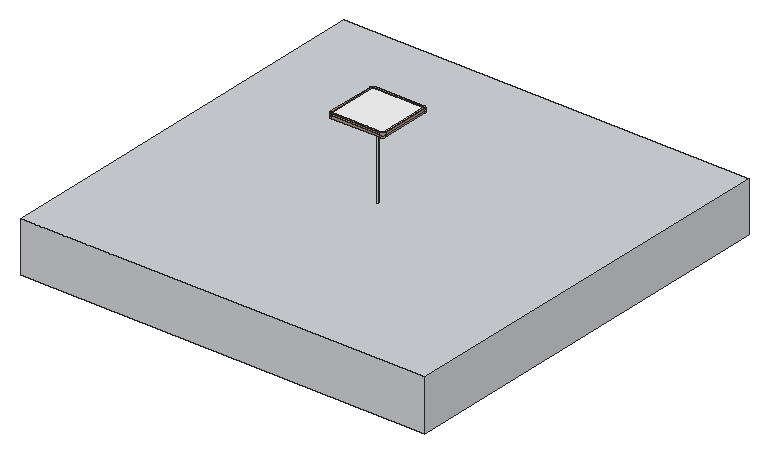
Revit family "Zumtobel CAELA", category Lighting Fixtures, host Face, Revit 2014
Parameters (values of type "CAELA QMS 331")
  Width = 331 mm
  Wattage = 8.07853 W
  built-in parameter 1150110 = 1 (stored number, unit not read)
  URL = "http://www.zumtobel.com/60815982"
  Type Comments = "© Zumtobel. We reserve the right to make technical changes without prior notice."  # constant formula
  built-in parameter 1114217 = 1 (stored number, unit not read)
  Tilt Angle = -90.00°
  built-in parameter 1150109 = 1 (stored number, unit not read)
  built-in parameter 1150134 = 12
  Suspension Value [instance] = if(Suspended, Suspension Height, 57 mm)  # 500 mm
  Suspension Height [instance] = 500 mm
  Sunspension [instance] = Zumtobel_Caela_Metal_Silver
  Square Shape = yes
  Round Shape = not(Square Shape)  # no
  Interior Width = Width - 20 mm  # 311 mm
  Frame [instance] = Zumtobel_Caela_Metal_Copper
  Emit from Circle Diameter = Width  # 331 mm
  Suspended [instance] = yes
  built-in parameter 1150113 = 1 (stored number, unit not read)
  Photometric Web File = "ST8096.IES"
  Model = "60815982"
  Manufacturer = "Zumtobel Lighting"  # constant formula
  built-in parameter 1150105 = 95.493 (stored number, unit not read)
  Lumens = 1200 lm
  built-in parameter 1150115 = 1 (stored number, unit not read)
  built-in parameter 1150137 = (empty or 0)
  built-in parameter 1150139 = (empty or 0)
  Length = Width  # 331 mm
  built-in parameter 1150112 = 1 (stored number, unit not read)
  built-in parameter 1150114 = 1 (stored number, unit not read)
  Lamp = "LED"  # constant formula
  built-in parameter 1150132 = 2
  built-in parameter 1150102 = (empty or 0)
  built-in parameter 1150107 = 4000 (stored number, unit not read)
  built-in parameter 1150138 = (empty or 0)
  built-in parameter 1150106 = 0.95493 (stored number, unit not read)
  Height = 57 mm  # constant formula
  Emit Shape Visible in Rendering = no
  built-in parameter 1150104 = 13.8 (stored number, unit not read)
  Dimming Lamp Color Temperature Shift = <None>
  Description = "Square LED wall and ceiling luminaire"
  Default Elevation = 0 mm
  Color Light Emitting Surface [instance] = Zumtobel_Caela_Cover_SI_Opaque
  Color Filter = 16777215
  Body [instance] = Zumtobel_Caela_Metal_Copper
  built-in parameter 1114218 = 1 (stored number, unit not read)
  built-in parameter 1150133 = 10 (stored number, unit not read)
  Assembly Code = "D5020200"
  Apparent Load = 13 VA
Types (4, lengths in mm): name | Width | Wattage | URL | Suspension Value | Suspension Height | Square Shape | Round Shape | Interior Width | Emit from Circle Diameter | Photometric Web File | Model | built-in parameter 1150105 | Lumens | Length | built-in parameter 1150106 | Description | Apparent Load
  CAELA QLS 431 | 431 | 14.1374 W | "http://www.zumtobel.com/60815994" | 600 | 600 | yes | no | 411 | 431 | "ST8099.IES" | "60815994" | 167.11 (stored number, unit not read) | 2100 lm | 431 | 1.6711 (stored number, unit not read) | "Square LED wall and ceiling luminaire" | 18 VA
  CAELA QMS 331 | 331 | 8.07853 W | "http://www.zumtobel.com/60815982" | 500 | 500 | yes | no | 311 | 331 | "ST8096.IES" | "60815982" | 95.493 (stored number, unit not read) | 1200 lm | 331 | 0.95493 (stored number, unit not read) | "Square LED wall and ceiling luminaire" | 13 VA
  CAELA RLS 432 | 432 | 10.0982 W | "http://www.zumtobel.com/60815988" | 500 | 500 | no | yes | 412 | 432 | "ST8093.IES" | "60815988" | 119.37 (stored number, unit not read) | 1500 lm | 432 | 1.1937 (stored number, unit not read) | "Round LED wall and ceiling luminaire" | 23 VA
  CAELA RMS 334 | 334 | 10.0982 W | "http://www.zumtobel.com/60815976" | 500 | 500 | no | yes | 314 | 334 | "ST8090.IES" | "60815976" | 119.37 (stored number, unit not read) | 1500 lm | 334 | 1.1937 (stored number, unit not read) | "Round LED wall and ceiling luminaire" | 17 VA
Reference planes
  plane 1 "Center (Front/Back)": y = -48.5
  plane 2 "Top": z = 0
  plane 3 "Center (Left/Right)": x = -0.5
  plane 4: x = 165
  plane 5: x = -166
  plane 6: y = 117
  plane 7: y = -214
  plane 8 "Bottom": z = 500
  plane 9: z = 476
  plane 10: z = 488
  plane 11: z = 448
  plane 12: x = -156
  plane 13: x = 155
  plane 14: y = 107
  plane 15: y = -204
Forms (mm)
  Extrusion 1, solid
    sketch origin (0, 0, 0) x (1, 0, 0) y (0, 1, 0)
      loop
        line (-1219.2, 1219.2) -> (-1219.2, -1219.2) -> (1219.2, -1219.2) -> (1219.2, 1219.2) -> (-1219.2, 1219.2)
    from 0 to -304.8
  Extrusion 2, solid, material "Zumtobel_Caela_Cover_SI_Opaque" <- "Color Light Emitting Surface", visible <- "Square Shape"
    sketch origin (0, 0, 0) x (1, 0, 0) y (0, 1, 0)
      loop
        arc (-146, 107) -> (-153.071, 104.071) -> (-156, 97) r 10
        line (-156, 97) -> (-156, -194)
        arc (-156, -194) -> (-153.071, -201.071) -> (-146, -204) r 10
        line (-146, -204) -> (145, -204)
        arc (145, -204) -> (152.071, -201.071) -> (155, -194) r 10
        line (155, -194) -> (155, 97)
        arc (155, 97) -> (152.071, 104.071) -> (145, 107) r 10
        line (145, 107) -> (-146, 107)
    from 488 to 500
  Revolve 3, solid, material "Zumtobel_Caela_Metal_Copper" <- "Body", visible <- "Suspended"
    sketch origin (50, -48.5, 0) x (1, 0, 0) y (0, 0, 1)
      loop
        line (-55.5, 443) -> (-120.795, 443) -> (-120.795, 446.771) -> (-129.623, 446.771)
        arc (-129.623, 446.771) -> (-128.446, 445.574) -> (-127.374, 444.282) r 19.868
        arc (-127.374, 444.282) -> (-126.447, 443.348) -> (-125.309, 442.689) r 5
        arc (-125.309, 442.689) -> (-91.078, 431.768) -> (-55.5, 426.742) r 213.481
        line (-55.5, 426.742) -> (-55.5, 443)
      axis (-50.5, 446.771) -> (-50.5, 426.742)
    angle from 0 to 360
  Extrusion 4, solid, material "Zumtobel_Caela_Metal_Copper" <- "Body", visible <- "Square Shape"
    sketch origin (0, 0, -40) x (1, 0, 0) y (0, 1, 0)
      loop
        arc (-146, 117) -> (-160.142, 111.142) -> (-166, 97) r 20
        line (-166, 97) -> (-166, -194)
        arc (-166, -194) -> (-160.142, -208.142) -> (-146, -214) r 20
        line (-146, -214) -> (145, -214)
        arc (145, -214) -> (159.142, -208.142) -> (165, -194) r 20
        line (165, -194) -> (165, 97)
        arc (165, 97) -> (159.142, 111.142) -> (145, 117) r 20
        line (145, 117) -> (-146, 117)
    from 516 to 528
  Revolve 5, solid, material "Zumtobel_Caela_Metal_Copper" <- "Body", visible <- "Square Shape"
    sketch origin (0, -48.5, 0) x (1, 0, 0) y (0, 0, 1)
      loop
        line (-0.5, 476) -> (-146, 476)
        arc (-146, 476) -> (-110.508, 468.704) -> (-80.771, 448) r 89.978
        line (-80.771, 448) -> (-70.795, 448) -> (-70.795, 443) -> (-0.5, 443) -> (-0.5, 476)
      axis (-0.5, 476) -> (-0.5, 443)
    angle from 0 to 360
  Extrusion 6, solid, material "Zumtobel_Caela_Metal_Silver" <- "Sunspension", visible <- "Suspended"
    sketch origin (0, 0, 0) x (1, 0, 0) y (0, 1, 0)
      loop
        circle (-0.5, -48.5) r 5
    from 0 to 448
  Extrusion 7, solid, material "Zumtobel_Caela_Metal_Copper" <- "Body", visible <- "Round Shape"
    sketch origin (0, 0, -240) x (1, 0, 0) y (0, 1, 0)
      loop
        circle (-0.5, -48.5) r 165.5
    from 716 to 728
  Revolve 8, solid, material "Zumtobel_Caela_Metal_Copper" <- "Body", visible <- "Round Shape"
    sketch origin (0, -48.5, 0) x (1, 0, 0) y (0, 0, 1)
      loop
        line (-0.5, 476) -> (-146, 476)
        arc (-146, 476) -> (-110.508, 468.704) -> (-80.771, 448) r 89.978
        line (-80.771, 448) -> (-70.795, 448) -> (-70.795, 443) -> (-0.5, 443) -> (-0.5, 476)
      axis (-0.5, 476) -> (-0.5, 443)
    angle from 0 to 360
  Extrusion 9, solid, material "Zumtobel_Caela_Cover_SI_Opaque" <- "Color Light Emitting Surface", visible <- "Round Shape"
    sketch origin (0, 0, -200) x (1, 0, 0) y (0, 1, 0)
      loop
        circle (-0.5, -48.5) r 155.5
    from 688 to 700
  Extrusion 10, solid, material "Zumtobel_Caela_Metal_Copper" <- "Frame", visible <- "Square Shape"
    sketch origin (0, 0, 15) x (1, 0, 0) y (0, 1, 0)
      loop
        arc (-146, 117) -> (-160.142, 111.142) -> (-166, 97) r 20
        line (-166, 97) -> (-166, -194)
        arc (-166, -194) -> (-160.142, -208.142) -> (-146, -214) r 20
        line (-146, -214) -> (145, -214)
        arc (145, -214) -> (159.142, -208.142) -> (165, -194) r 20
        line (165, -194) -> (165, 97)
        arc (165, 97) -> (159.142, 111.142) -> (145, 117) r 20
        line (145, 117) -> (-146, 117)
      loop
        arc (-146, 107) -> (-153.071, 104.071) -> (-156, 97) r 10
        line (-156, 97) -> (-156, -194)
        arc (-156, -194) -> (-153.071, -201.071) -> (-146, -204) r 10
        line (-146, -204) -> (145, -204)
        arc (145, -204) -> (152.071, -201.071) -> (155, -194) r 10
        line (155, -194) -> (155, 97)
        arc (155, 97) -> (152.071, 104.071) -> (145, 107) r 10
        line (145, 107) -> (-146, 107)
    from 473 to 485
  Extrusion 11, solid, material "Zumtobel_Caela_Metal_Copper" <- "Frame", visible <- "Round Shape"
    sketch origin (500, 0, -200) x (1, 0, 0) y (0, 1, 0)
      loop
        circle (-500.5, -48.5) r 155.5
      loop
        circle (-500.5, -48.5) r 165.5
    from 688 to 700
Cuts and joins
  joined: Extrusion 4, Revolve 5
  joined: Extrusion 7, Revolve 8
Dimensions and locks
  "Width": plane 5 to plane 4
  equal spacing: plane 5, plane 3 "Center (Left/Right)", plane 4
  equal spacing: plane 6, plane 1 "Center (Front/Back)", plane 7
  "Length": plane 6 to plane 7
  "Suspension Value": plane 8 "Bottom" to plane 2 "Top"
  plane 8 "Bottom" to plane 10 to plane 9 to plane 11 = 12 mm locked, 12 mm locked, 28 mm locked
  locked: plane 15 to plane 7 at 10
  locked: plane 14 to plane 6 at 10
  locked: plane 5 to plane 12 at 10
  locked: plane 13 to plane 4 at 10
  "Interior Width": diameter of Extrusion 9 sketch curve
  "Length": diameter of Extrusion 7 sketch curve
  "Interior Width": diameter of Extrusion 11 sketch curve
  "Width": diameter of Extrusion 11 sketch curve
  aligned and locked: plane 2 "Top" to Extrusion 1
  aligned and locked: level to Extrusion 1
  aligned and locked: imposter light to plane 1 "Center (Front/Back)"
  aligned and locked: plane 3 "Center (Left/Right)" to imposter light
  aligned and locked: plane 8 "Bottom" to imposter light
  aligned and locked: plane 8 "Bottom" to Extrusion 2
  aligned and locked: Extrusion 2 to plane 10
  aligned and locked: plane 10 to cut or joined group of Extrusion 4, Revolve 5
  aligned and locked: cut or joined group of Extrusion 4, Revolve 5 to plane 9
  aligned and locked: plane 11 to Extrusion 6
  aligned and locked: imposter light to Extrusion 9
  aligned and locked: Extrusion 9 to plane 10
  aligned and locked: plane 10 to cut or joined group of Extrusion 7, Revolve 8
  aligned and locked: cut or joined group of Extrusion 7, Revolve 8 to plane 9
  aligned and locked: plane 14 to Extrusion 2 sketch curve
  aligned and locked: plane 12 to Extrusion 2 sketch curve
  aligned and locked: plane 13 to Extrusion 2 sketch curve
  aligned and locked: plane 15 to Extrusion 2 sketch curve
  aligned and locked: plane 12 to Extrusion 10 sketch curve
  aligned and locked: plane 15 to Extrusion 10 sketch curve
  aligned and locked: plane 13 to Extrusion 10 sketch curve
  aligned and locked: plane 14 to Extrusion 10 sketch curve
  aligned and locked: Extrusion 10 to plane 10
  aligned and locked: imposter light to Extrusion 10
  aligned and locked: plane 8 "Bottom" to Extrusion 11
  aligned and locked: Extrusion 11 to plane 10
  aligned and locked: plane 3 "Center (Left/Right)" to Extrusion 11 sketch curve  (x2)
  aligned and locked: plane 1 "Center (Front/Back)" to Extrusion 11 sketch curve  (x2)
Automatic sketch dimensions
  Extrusion 1 sketch curve to Extrusion 1 sketch curve = 2438.4 mm  (x2)
  plane 12 to Extrusion 2 sketch curve = 10 mm  (x2)
  plane 13 to Extrusion 2 sketch curve = 10 mm  (x2)
  Revolve 3 sketch curve to plane 3 "Center (Left/Right)" = 0 mm
  Revolve 3 sketch curve to plane 3 "Center (Left/Right)" = 5 mm
  Revolve 3 sketch curve to plane 11 = 5 mm
  Revolve 3 sketch curve to Revolve 3 sketch curve = 65.295 mm
  Revolve 3 sketch curve to plane 11 = 0.692 mm
  Revolve 3 sketch curve to Revolve 3 sketch curve = 2.599 mm
  Revolve 3 sketch curve to plane 11 = 1.229 mm
  Revolve 3 sketch curve to Revolve 3 sketch curve = 6.229 mm
  Revolve 3 sketch curve to Revolve 3 sketch curve = 13.567 mm
  plane 3 "Center (Left/Right)" to Revolve 3 sketch curve = 6.964 mm
  Revolve 3 sketch curve to plane 11 = 15.743 mm
  Revolve 3 sketch curve to Revolve 3 sketch curve = 16.258 mm
  plane 8 "Bottom" to Revolve 3 sketch curve = 139.888 mm
  Revolve 3 sketch curve to Revolve 3 sketch curve = 0 mm
  Revolve 3 sketch curve to Revolve 3 sketch curve = 23.742 mm
  Revolve 3 sketch curve to Revolve 3 sketch curve = 20 mm
  Extrusion 4 sketch curve to plane 5 = 0 mm
  Extrusion 4 sketch curve to plane 7 = 0 mm
  plane 6 to Extrusion 4 sketch curve = 0 mm
  Extrusion 4 sketch curve to plane 4 = 0 mm
  plane 12 to Extrusion 4 sketch curve = 10 mm  (x2)
  plane 13 to Extrusion 4 sketch curve = 10 mm  (x2)
  Revolve 5 sketch curve to plane 9 = 0 mm
  Revolve 5 sketch curve to plane 11 = 0 mm
  Revolve 5 sketch curve to plane 3 "Center (Left/Right)" = 0 mm  (x2)
  Revolve 5 sketch curve to plane 3 "Center (Left/Right)" = 70.295 mm
  Revolve 5 sketch curve to Revolve 5 sketch curve = 9.977 mm
  plane 12 to Revolve 5 sketch curve = 10 mm
  Revolve 5 sketch curve to plane 11 = 5 mm
  Revolve 5 sketch curve to plane 8 "Bottom" = 1.54 mm
  plane 8 "Bottom" to Revolve 5 sketch curve = 13.46 mm
  plane 1 "Center (Front/Back)" to Extrusion 6 sketch curve = 0 mm
  Extrusion 6 sketch curve to plane 3 "Center (Left/Right)" = 0 mm
  plane 1 "Center (Front/Back)" to Extrusion 7 sketch curve = 0 mm
  Extrusion 7 sketch curve to plane 3 "Center (Left/Right)" = 0 mm
  Revolve 8 sketch curve to plane 9 = 0 mm
  Revolve 8 sketch curve to plane 11 = 0 mm
  Revolve 8 sketch curve to plane 3 "Center (Left/Right)" = 0 mm  (x2)
  Revolve 8 sketch curve to plane 3 "Center (Left/Right)" = 70.295 mm
  Revolve 8 sketch curve to Revolve 8 sketch curve = 9.977 mm
  plane 12 to Revolve 8 sketch curve = 10 mm
  Revolve 8 sketch curve to plane 11 = 5 mm
  Revolve 8 sketch curve to plane 8 "Bottom" = 1.54 mm
  plane 8 "Bottom" to Revolve 8 sketch curve = 13.46 mm
  plane 1 "Center (Front/Back)" to Extrusion 9 sketch curve = 0 mm
  Extrusion 9 sketch curve to plane 3 "Center (Left/Right)" = 0 mm
  Extrusion 10 sketch curve to Extrusion 10 sketch curve = 0 mm  (x8)
  Extrusion 10 sketch curve to plane 5 = 0 mm
  plane 12 to Extrusion 10 sketch curve = 10 mm  (x2)
  plane 13 to Extrusion 10 sketch curve = 10 mm  (x2)
  radius of Extrusion 6 sketch curve = 5 mm
Connectors
  electrical at (-0.5, -48.5, 0), driven by "Apparent Load"
    settings: index 1, voltage 230 V, apparent load 0 VA, apparent load phase1 13 VA, apparent load phase2 0 VA, apparent load phase3 0 VA, power factor 1, load classification "Other", number of poles 1, system type 31, power factor state 1, is connector primary yes, connector utility no, sub classification motor no, connector description ""
